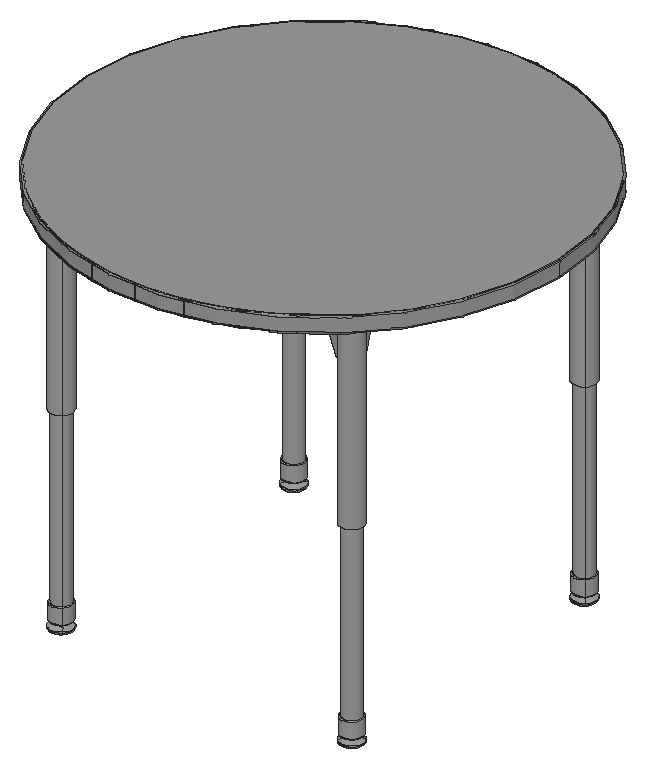
Revit family "Hierarchy Activity 36in Round Table", category Furniture, Revit 2018
Family settings
  Work Plane-Based = No
  Always vertical = Yes
  Cut with Voids When Loaded = No
  Shared = No
  Room Calculation Point = No
Parameters
  Table Height = 2' - 5"
  Surface = Hierarchy Activity 36" Round Table Surface
  Leg Finish = Hierarchy Leg Platinum
  Edgeband = Hierarchy Activity 36" Round Table Edgeband
  Caster/Glide = Hierarchy Leg - Glide : Hierarchy Leg - Glide
Reference planes (in)
  plane 1 "Center (Front/Back)": y = 0
  plane 2: z = 0
  plane 3 "Center (Left/Right)": x = 0
  plane 4: z = 29
Dimensions and locks (in)
  "Table Height": plane 4 to level
  aligned and locked: plane 2 to level
  aligned and locked: nested 1 to plane 4
Nested families (in)
  nested 1: "Activity 36 Round Tabletop" at (0, 0, 5.075), type "Activity 36 Round Tabletop"
  nested 2: "Hierarchy Leg - Glide" at (-11, 11, 0) x (0.7071, 0.7071, 0) z (0, 0, 1), type <- "Caster/Glide", Leg Finish <- "Leg Finish", Leg Height <- "Table Height", type "Hierarchy Leg - Glide"
  nested 3: "Hierarchy Leg - Glide" at (-11, -11, 0) x (-0.7071, 0.7071, 0) z (0, 0, 1), type <- "Caster/Glide", Leg Finish <- "Leg Finish", Leg Height <- "Table Height", type "Hierarchy Leg - Glide"
  nested 4: "Hierarchy Leg - Glide" at (11, -11, 0) x (-0.7071, -0.7071, 0) z (0, 0, 1), Leg Finish <- "Leg Finish", Leg Height <- "Table Height", type "Hierarchy Leg - Glide"
    with Leg Height 2' - 5", Leg Finish Hierarchy Leg Platinum
  nested 5: "Hierarchy Leg - Glide" at (11, 11, 0) x (0.7071, -0.7071, 0) z (0, 0, 1), Leg Finish <- "Leg Finish", Leg Height <- "Table Height", type "Hierarchy Leg - Glide"
    with Leg Height 2' - 5", Leg Finish Hierarchy Leg Platinum
Definition of nested family "Activity 36 Round Tabletop"
  Parameters (values of type "Activity 36 Round Tabletop")
    Surface = none
    Edgeband = none
  Reference planes (in)
    plane 1 "Center (Front/Back)": y = 0
    plane 2: z = 0
    plane 3 "Center (Left/Right)": x = 0
  Forms (in)
    Extrusion 1, solid, material <- "Surface"
      sketch origin (0, 0, 0) x (1, 0, 0) y (0, 1, 0)
        loop
          circle (0, 0) r 17.81944
      from 23.925 to 25.125
    Sweep 2, solid, material <- "Edgeband"
      path origin (0, 0, 0) x (1, 0, 0) y (0, 1, 0)
        loop
          circle (0, 0) r 17.81944
      profile origin (0, 17.81944, 0) x (0, -1, 0) y (0, 0, 1)
        loop
          arc (0.0021, 25.125) -> (-0.06861, 25.09571) -> (-0.0979, 25.025) r 0.1
          line (-0.0979, 25.025) -> (-0.0979, 24.025)
          arc (-0.0979, 24.025) -> (-0.06861, 23.95429) -> (0.0021, 23.925) r 0.1
          line (0.0021, 23.925) -> (0.0021, 25.125)
  Dimensions and locks (in)
    aligned and locked: plane 2 to level
Definition of nested family "Hierarchy Leg - Glide"
  Parameters (values of type "Hierarchy Leg - Glide")
    Leg Finish [instance] = none
    Leg Height [instance] = 2' - 5"
  Reference planes (in)
    plane 1 "Center (Front/Back)": y = 0
    plane 2: z = 0
    plane 3 "Center (Left/Right)": x = 0
  Forms (in)
    Extrusion 1, solid
      sketch origin (-0.01562, 0, 0) x (1, 0, 0) y (0, 1, 0)
        loop
          circle (0.01563, 0) r 0.67016
      from 0.67618 to 16.17618
    Revolve 2, solid
      sketch origin (0, 0, 0) x (1, 0, 0) y (0, 0, 1)
        loop
          line (-0.73189, 1.80118) -> (-0.79439, 1.73867) -> (-0.79439, 0.61381) -> (-0.73176, 0.55118) -> (-0.125, 0.55118) -> (-0.125, 0.42618) -> (-0.84656, 0.16241) -> (-0.84656, 0.08994) -> (-0.81359, 0) -> (0, 0) -> (0, 1.80118) -> (-0.73189, 1.80118)
        axis (0, 1.80118) -> (0, 0)
      angle from 0 to 360
  Dimensions and locks (in)
    "Leg Height": nested 1 to level
    aligned and locked: plane 2 to level
  Automatic sketch dimensions
    plane 1 "Center (Front/Back)" to Extrusion 1 sketch curve = 0' - 0"
    Extrusion 1 sketch curve to plane 3 "Center (Left/Right)" = 0' - 0"
    Revolve 2 sketch curve to level = 0' - 0"
    Revolve 2 sketch curve to plane 3 "Center (Left/Right)" = 0' - 0"  (x2)
    Revolve 2 sketch curve to plane 3 "Center (Left/Right)" = 0' - 0 1/8"
    Revolve 2 sketch curve to Revolve 2 sketch curve = 0' - 0.60676"
    Revolve 2 sketch curve to Revolve 2 sketch curve = 0' - 0.73189"
    Revolve 2 sketch curve to Revolve 2 sketch curve = 0' - 0.06263"  (x2)
    Revolve 2 sketch curve to Revolve 2 sketch curve = 0' - 0.08183"
    Revolve 2 sketch curve to Revolve 2 sketch curve = 0' - 0.03297"
    level to Revolve 2 sketch curve = 0' - 0.08994"
    Revolve 2 sketch curve to Revolve 2 sketch curve = 0' - 0.07247"
    level to Revolve 2 sketch curve = 0' - 0.42618"
    Revolve 2 sketch curve to Revolve 2 sketch curve = 0' - 0 1/8"
    Revolve 2 sketch curve to Revolve 2 sketch curve = 0' - 1.12486"
    Revolve 2 sketch curve to Revolve 2 sketch curve = 0' - 0 1/16"
    Revolve 2 sketch curve to level = 2' - 0"
    Revolve 2 sketch curve to Revolve 2 sketch curve = 8' - 4.91764"
    radius of Extrusion 1 sketch curve = 0' - 0.67016"
  Nested families (in)
    nested 1: "Hierarchy Upper Leg 2023" at (0, 0, 1.19783), Shapes Leg Finish <- "Leg Finish", type "Hierarchy Upper Leg 2023"
      with Shapes Leg Finish none
  Definition of nested family "Hierarchy Upper Leg 2023"
    Parameters (values of type "Hierarchy Upper Leg 2023")
      Shapes Leg Finish [instance] = none
    Reference planes (in)
      plane 1 "Center (Front/Back)": y = 0
      plane 2: z = 0
      plane 3 "Center (Left/Right)": x = 0
    Forms (in)
      Extrusion 1, solid, material <- "Shapes Leg Finish"
        sketch origin (0, 0, 0) x (1, 0, 0) y (0, 1, 0)
          loop
            circle (0, 0) r 0.84802
        from 13.67618 to 27.67618
      Extrusion 2, solid, material <- "Shapes Leg Finish"
        sketch origin (0, 0, 0) x (1, 0, 0) y (0, 1, 0)
          loop
            line (-1.70174, 0.19183) -> (-2.88626, -2.26116)
            arc (-2.88626, -2.26116) -> (-2.83993, -3.09822) -> (-2.1063, -3.50394) r 0.86614
            line (-2.1063, -3.50394) -> (2.1063, -3.50394)
            arc (2.1063, -3.50394) -> (2.83993, -3.09822) -> (2.88626, -2.26116) r 0.86614
            line (2.88626, -2.26116) -> (1.70174, 0.19183)
            arc (1.70174, 0.19183) -> (0, 1.25984) -> (-1.70174, 0.19183) r 1.88976
        from 27.67618 to 27.80217
      Extrusion 3, solid, material <- "Shapes Leg Finish"
        sketch origin (-1.48519, 8.66524, 0) x (-0.434844, 0.900506, 0) y (0, 0, 1)
          loop
            line (-9.01425, 27.67618) -> (-11.80952, 27.67618)
            arc (-11.80952, 27.67618) -> (-11.92325, 27.58993) -> (-11.87088, 27.45715) r 0.11811
            arc (-11.87088, 27.45715) -> (-10.39364, 26.29679) -> (-9.23328, 24.81955) r 7.87402
            arc (-9.23328, 24.81955) -> (-9.1005, 24.76717) -> (-9.01425, 24.88091) r 0.11811
            line (-9.01425, 24.88091) -> (-9.01425, 27.67618)
        from -1.94075 to -1.81476
      Extrusion 4, solid, material <- "Shapes Leg Finish"
        sketch origin (1.48519, 8.66524, 0) x (0.434844, 0.900506, 0) y (0, 0, -1)
          loop
            line (-9.01425, -27.67618) -> (-9.01425, -24.88091)
            arc (-9.01425, -24.88091) -> (-9.1005, -24.76717) -> (-9.23328, -24.81955) r 0.11811
            arc (-9.23328, -24.81955) -> (-10.39364, -26.29679) -> (-11.87088, -27.45715) r 7.87402
            arc (-11.87088, -27.45715) -> (-11.92325, -27.58993) -> (-11.80952, -27.67618) r 0.11811
            line (-11.80952, -27.67618) -> (-9.01425, -27.67618)
        from -1.94075 to -1.81476
    Dimensions and locks (in)
      aligned and locked: plane 2 to level
